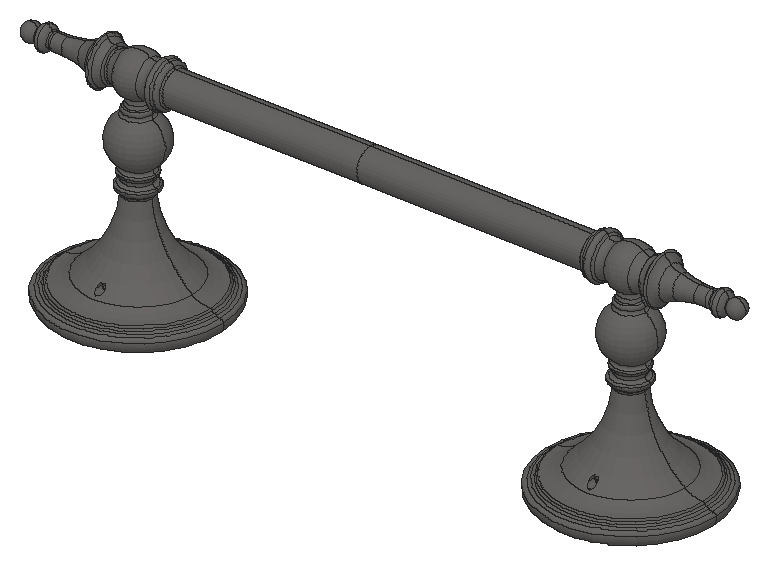
Revit family "Accessory-Tissue_Holder-KOHLER-Decorative-K-26527_1", category Specialty Equipment, host Face, Revit 2021 (continued)
Definition of nested family "K-26527"
  Lines and regions (in)
    symbolic lines, detail levels medium+fine
      curve 154: arc (4.03281, -0.34953, 0) -> (4.00278, -0.30915, 0) -> (3.96303, -0.27829, 0) r 0.18613
      curve 155: arc (3.96303, -0.27829, 0) -> (3.95039, -0.26859, 0) -> (3.94069, -0.25595, 0) r 0.06124
      curve 156: arc (3.87674, 0.24025, 0) -> (3.57524, 0.39537, 0) -> (3.26451, 0.25969, 0) r 0.39512
      curve 157: arc (3.87674, -0.24025, 0) -> (3.57524, -0.39537, 0) -> (3.26451, -0.25969, 0) r 0.39512
      curve 158: arc (4.04166, 0.35064, 0) -> (4.0369, 0.35227, 0) -> (4.03275, 0.34943, 0) r 0.0056
      curve 159: arc (4.04158, -0.35072, 0) -> (4.03689, -0.35233, 0) -> (4.03281, -0.34953, 0) r 0.00551
      curve 160: line (5.0209, 0.09454, 0) -> (5.0209, -0.09454, 0)
      curve 161: line (4.98515, 0.08562, 0) -> (4.98515, -0.08562, 0)
      curve 162: line (3.94069, 0.25595, 0) -> (3.94069, -0.25595, 0)
      curve 163: line (3.87674, 0.20479, 0) -> (3.87674, -0.20479, 0)
      curve 164: line (3.77796, 0.24267, 0) -> (3.77796, -0.24267, 0)
      curve 165: line (3.23327, 0.29052, 0) -> (3.23327, -0.29052, 0)
      curve 166: line (3.13631, 0.30647, 0) -> (3.13631, -0.30647, 0)
      curve 167: line (4.73439, 0.11919, 0) -> (4.73439, -0.11919, 0)
      curve 168: line (4.76744, 0.11033, 0) -> (4.76744, -0.11033, 0)
      curve 169: line (4.7988, 0.10251, 0) -> (4.7988, -0.10251, 0)
      curve 170: line (4.04166, 0.35064, 0) -> (4.04166, -0.35065, 0)
      curve 171: line (4.03275, 0.34943, 0) -> (4.03275, -0.34945, 0)
      curve 172: line (3.34418, 0.24283, 0) -> (3.34418, -0.24283, 0)
      curve 173: line (3.26466, 0.25959, 0) -> (3.26466, -0.25959, 0)
      curve 174: arc (-4.65152, -0.11087, 0) -> (-3.62647, -1.09231, 0) -> (-2.49464, -0.23622, 0) r 1.09416
      curve 175: arc (-4.61358, -0.10996, 0) -> (-3.62699, -1.05438, 0) -> (-2.53342, -0.23622, 0) r 1.05632
      curve 176: arc (-4.59859, -0.11009, 0) -> (-3.62695, -1.03946, 0) -> (-2.54871, -0.23622, 0) r 1.04143
      curve 177: arc (-4.741, -0.11953, 0) -> (-3.62201, -1.18258, 0) -> (-2.40274, -0.23622, 0) r 1.18405
      curve 178: arc (-4.68791, -0.11345, 0) -> (-3.62513, -1.12892, 0) -> (-2.45732, -0.23622, 0) r 1.13062
      curve 179: arc (4.65152, 0.11087, 0) -> (3.62647, 1.09231, 0) -> (2.49464, 0.23622, 0) r 1.09416
      curve 180: arc (4.61358, 0.10996, 0) -> (3.62699, 1.05438, 0) -> (2.53342, 0.23622, 0) r 1.05632
      curve 181: arc (4.59859, 0.11009, 0) -> (3.62695, 1.03946, 0) -> (2.54871, 0.23622, 0) r 1.04143
      curve 182: arc (4.741, 0.11953, 0) -> (3.62201, 1.18258, 0) -> (2.40274, 0.23622, 0) r 1.18405
      curve 183: arc (4.68791, 0.11345, 0) -> (3.62513, 1.12892, 0) -> (2.45732, 0.23622, 0) r 1.13062
      curve 184: arc (4.65152, -0.11087, 0) -> (3.62647, -1.09231, 0) -> (2.49464, -0.23622, 0) r 1.09416
      curve 185: arc (4.61358, -0.10996, 0) -> (3.62699, -1.05438, 0) -> (2.53342, -0.23622, 0) r 1.05632
      curve 186: arc (4.59859, -0.11009, 0) -> (3.62695, -1.03946, 0) -> (2.54871, -0.23622, 0) r 1.04143
      curve 187: arc (4.741, -0.11953, 0) -> (3.62201, -1.18258, 0) -> (2.40274, -0.23622, 0) r 1.18405
      curve 188: arc (4.68791, -0.11345, 0) -> (3.62513, -1.12892, 0) -> (2.45732, -0.23622, 0) r 1.13062
      curve 189: arc (0, 0.14997, 2.67677) -> (0, 0, 2.64486) -> (0, -0.14997, 2.67677) r 0.36834
      curve 190: line (3.04662, 0.23622, 0) -> (3.04662, -0.23622, 0)
      curve 191: spline (-3.50322, -0.67789, 0) -> (-3.50526, -0.69472, 0) -> (-3.51123, -0.71041, 0) -> (-3.52073, -0.72388, 0) -> (-3.53311, -0.73421, 0) -> (-3.54752, -0.74071, 0) -> (-3.56299, -0.74293, 0) -> (-3.57846, -0.74071, 0) -> (-3.59288, -0.73421, 0) -> (-3.60526, -0.72388, 0) -> (-3.61475, -0.71041, 0) -> (-3.62072, -0.69472, 0) -> (-3.62276, -0.67789, 0) -> (-3.62072, -0.66106, 0) -> (-3.61475, -0.64537, 0) -> (-3.60526, -0.6319, 0) -> (-3.59288, -0.62156, 0) -> (-3.57846, -0.61507, 0) -> (-3.56299, -0.61285, 0) -> (-3.54752, -0.61507, 0) -> (-3.53311, -0.62156, 0) -> (-3.52073, -0.6319, 0) -> (-3.51123, -0.64537, 0) -> (-3.50526, -0.66106, 0) -> (-3.50322, -0.67789, 0)
      curve 192: spline (3.50322, -0.67789, 0) -> (3.50526, -0.69472, 0) -> (3.51123, -0.71041, 0) -> (3.52073, -0.72388, 0) -> (3.53311, -0.73421, 0) -> (3.54752, -0.74071, 0) -> (3.56299, -0.74293, 0) -> (3.57846, -0.74071, 0) -> (3.59288, -0.73421, 0) -> (3.60526, -0.72388, 0) -> (3.61475, -0.71041, 0) -> (3.62072, -0.69472, 0) -> (3.62276, -0.67789, 0) -> (3.62072, -0.66106, 0) -> (3.61475, -0.64537, 0) -> (3.60526, -0.6319, 0) -> (3.59288, -0.62156, 0) -> (3.57846, -0.61507, 0) -> (3.56299, -0.61285, 0) -> (3.54752, -0.61507, 0) -> (3.53311, -0.62156, 0) -> (3.52073, -0.6319, 0) -> (3.51123, -0.64537, 0) -> (3.50526, -0.66106, 0) -> (3.50322, -0.67789, 0)
  Dimensions and locks (in)
    plane 4 to plane 5 = 7.12598"
    plane 8 to level = 3.36789"
    plane 10 to plane 9 = 10.45714"
    plane 11 to plane 12 = 0.47244"
    aligned and locked: plane 2 to level
Types (4): name | Type | Model | Finish
  2BZ-Oil Rubbed Bronze | 1 | "K-26527-2BZ" | Kohler-Metal-2BZ-Oil_Rubbed_Bronze
  BN-Vibrant Brushed Nickel | 2 | "K-26527-BN" | Kohler-Metal-BN-Vibrant_Brushed_Nickel
  CP-Polished Chrome | 3 | "K-26527-CP" | Kohler-Metal-CP-Polished_Chrome
  2MB-Vibrant Brushed Moderne Brass | 4 | "K-26527-2MB" | Kohler-Metal-2MB-Vibrant_Brushed_Moderne_Brass
